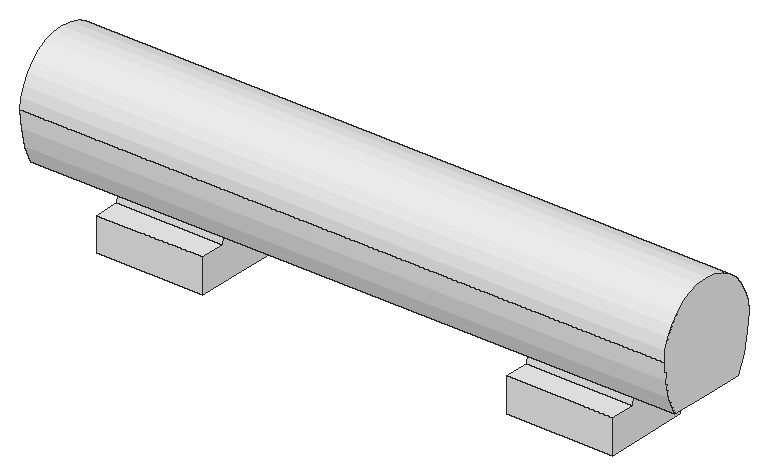
Revit family "Lighting-Control-Acclaim-Linear One_Exterior", category Lighting Fixtures, host Face, Revit 2015
Parameters (values of type "1'")
  Width = 0.163 ft
  Wattage = 9.2903 W
  built-in parameter 1150110 = 1 (stored number, unit not read)
  Voltage = 0 V
  URL = "http://www.acclaimlighting.com/"
  built-in parameter 1114217 = 1 (stored number, unit not read)
  Tilt Angle = 90.00°
  built-in parameter 1150109 = 1 (stored number, unit not read)
  built-in parameter 1150134 = 3
  built-in parameter 1150113 = 1 (stored number, unit not read)
  Power Factor = 1
  Photometric Web File = "generic"
  Number of Poles = 1
  built-in parameter 1150142 = (empty or 0)
  Model = "Linear One Interior"
  Manufacturer = "Acclaim Lighting"
  built-in parameter 1150105 = 109.82 (stored number, unit not read)
  Lumens = 1380 lm
  built-in parameter 1150115 = 1 (stored number, unit not read)
  built-in parameter 1150137 = (empty or 0)
  built-in parameter 1150139 = (empty or 0)
  Length = 1.00 ft
  built-in parameter 1150112 = 1 (stored number, unit not read)
  built-in parameter 1150114 = 1 (stored number, unit not read)
  Lamp = "LED"
  built-in parameter 1150132 = (empty or 0)
  built-in parameter 1150102 = (empty or 0)
  built-in parameter 1150107 = 3200 (stored number, unit not read)
  built-in parameter 1150138 = (empty or 0)
  built-in parameter 1150106 = 1.0982 (stored number, unit not read)
  Housing Finish = Aluminum
  Emit from Line Length = Length  # 1.00 ft
  built-in parameter 1150104 = 13.8 (stored number, unit not read)
  Dimming Lamp Color Temperature Shift = <None>
  Description = "Linear"
  Default Elevation = 4.00 ft
  Color Filter = 16777215
  built-in parameter 1114218 = 1 (stored number, unit not read)
  built-in parameter 1150133 = 10 (stored number, unit not read)
  Apparent Load = 0 VA
Types (3, lengths in ft): name | Length | Emit from Line Length
  (no name) | 1.00 | 1.00
  1' | 1.00 | 1.00
  2' | 2.00 | 2.00
Reference planes (ft)
  plane 1 "Center (Front/Back)": y = 0
  plane 2: z = 0
  plane 3 "Center (Left/Right)": x = 0
  plane 4: z = 0.073333
  plane 5: y = 0.0815
  plane 6: y = -0.0815
  plane 7: x = -0.5
  plane 8: x = 0.5
Forms (ft)
  Extrusion 1, solid, material "Aluminum"
    sketch origin (0, 0, -0.036458) x (0, 1, 0) y (0, 0, 1)
      loop
        arc (0.0815, 0.207683) -> (0, 0.289183) -> (-0.0815, 0.207683) r 0.0815
        arc (-0.0815, 0.207683) -> (-0.076384, 0.166016) -> (-0.06134, 0.126825) r 0.172232
        line (-0.06134, 0.126825) -> (0, 0.126825) -> (0.06134, 0.126825)
        arc (0.06134, 0.126825) -> (0.076384, 0.166016) -> (0.0815, 0.207683) r 0.172232
    from -0.5 to 0.5
  Extrusion 2, solid, material "Aluminum"
    sketch origin (0, 0, 0) x (0, 1, 0) y (0, 0, 1)
      loop
        line (0.068375, 0) -> (0.068375, 0.052788) -> (0.030037, 0.052788) -> (0.023411, 0.090366) -> (0, 0.090366) -> (-0.017536, 0.090366) -> (-0.024162, 0.052788) -> (-0.0625, 0.052788) -> (-0.0625, 0) -> (0, 0) -> (0.068375, 0)
    from 0.240185 to 0.404884
  Extrusion 3, solid, material "Aluminum"
    sketch origin (-0.260336, 0.005875, 0) x (0, 1, 0) y (0, 0, -1)
      loop
        line (0.068375, 0) -> (0, 0) -> (-0.068375, 0) -> (-0.068375, -0.052788) -> (-0.030037, -0.052788) -> (-0.023411, -0.090366) -> (0, -0.090366) -> (0.023411, -0.090366) -> (0.030037, -0.052788) -> (0.068375, -0.052788) -> (0.068375, 0)
    from -0.029202 to 0.135498
Dimensions and locks (ft)
  equal spacing: plane 5, plane 1 "Center (Front/Back)", plane 6
  "Width": plane 5 to plane 6
  equal spacing: plane 7, plane 3 "Center (Left/Right)", plane 8
  "Length": plane 7 to plane 8
  Extrusion 2 to Extrusion 2 to plane 8 = 0.164699 ft locked, 0.095116 ft locked
  locked: Extrusion 3 to Extrusion 3 at 0.164699
  locked: plane 7 to Extrusion 3 at 0.104167
  aligned and locked: plane 2 to host face
  aligned and locked: level to host face
  aligned and locked: Extrusion 1 to plane 7
  aligned and locked: plane 8 to Extrusion 1
Automatic sketch dimensions
  host sketch curve to host sketch curve = 8.00 ft  (x2)
  Extrusion 1 sketch curve to plane 6 = 0.00 ft  (x2)
  Extrusion 1 sketch curve to plane 1 "Center (Front/Back)" = 0.00 ft  (x2)
  Extrusion 1 sketch curve to plane 5 = 0.00 ft
  plane 6 to Extrusion 1 sketch curve = 0.009232 ft
  Extrusion 1 sketch curve to plane 6 = 0.02016 ft
  plane 4 to Extrusion 1 sketch curve = 0.017033 ft
  Extrusion 1 sketch curve to Extrusion 1 sketch curve = 0.06134 ft
  Extrusion 2 sketch curve to level = 0.00 ft
  Extrusion 2 sketch curve to plane 1 "Center (Front/Back)" = 0.00 ft  (x2)
  Extrusion 2 sketch curve to Extrusion 2 sketch curve = 0.017536 ft
  plane 1 "Center (Front/Back)" to Extrusion 2 sketch curve = 0.024162 ft
  Extrusion 2 sketch curve to plane 6 = 0.019 ft
  Extrusion 2 sketch curve to plane 1 "Center (Front/Back)" = 0.023411 ft
  Extrusion 2 sketch curve to plane 1 "Center (Front/Back)" = 0.030037 ft
  plane 5 to Extrusion 2 sketch curve = 0.013125 ft
  Extrusion 2 sketch curve to plane 4 = 0.020546 ft  (x2)
  plane 4 to Extrusion 2 sketch curve = 0.017033 ft
  Extrusion 3 sketch curve to level = 0.00 ft
  Extrusion 3 sketch curve to plane 1 "Center (Front/Back)" = 0.005875 ft  (x2)
  Extrusion 3 sketch curve to Extrusion 3 sketch curve = 0.023411 ft
  plane 1 "Center (Front/Back)" to Extrusion 3 sketch curve = 0.024162 ft
  Extrusion 3 sketch curve to plane 6 = 0.019 ft
  Extrusion 3 sketch curve to plane 1 "Center (Front/Back)" = 0.029287 ft
  Extrusion 3 sketch curve to plane 1 "Center (Front/Back)" = 0.035913 ft
  plane 5 to Extrusion 3 sketch curve = 0.007249 ft
  Extrusion 3 sketch curve to plane 4 = 0.020546 ft  (x2)
  plane 4 to Extrusion 3 sketch curve = 0.017033 ft
Connectors (ft)
  electrical at (0.5, 0, 0.12271), driven by "Number of Poles", driven by "Voltage", driven by "Apparent Load", driven by "Power Factor"
    settings: on Extrusion 1, index 1, voltage 0 V, apparent load 0 VA, apparent load phase1 0 VA, apparent load phase2 0 VA, apparent load phase3 0 VA, power factor 1, load classification "Other", number of poles 1, system type 31, power factor state 1, is connector primary yes, connector utility no, sub classification motor no, connector description "Power"
